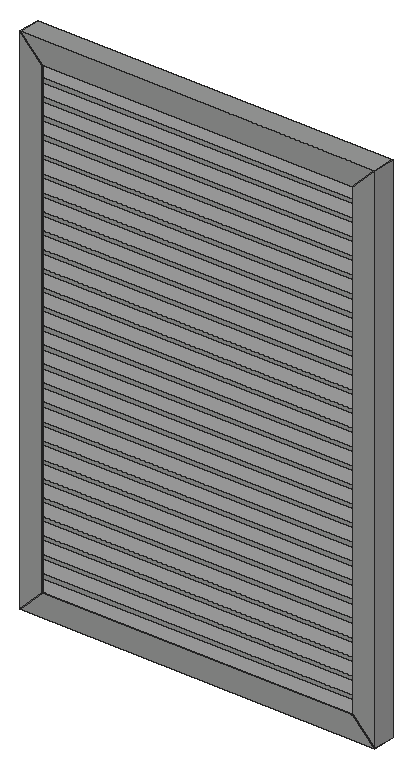
Revit family "HORIZONTAL_LOUVER_BLADE_PANEL", category Specialty Equipment, Revit 2026
Family settings
  Round Connector Dimension = Use Diameter
  Part Type = Normal
  Classification Number = 23.55.00.00
  Work Plane-Based = No
  Enable Cutting in Views = No
  Always vertical = No
  Cut with Voids When Loaded = No
  Maintain Annotation Orientation = No
  Shared = No
  Room Calculation Point = No
Parameters (values of type "Assembly")
  Width [instance] = if(Desired Overall Width < C Min Width, C Min Width, if(Desired Overall Width > C Max Width, C Max Width, Desired Overall Width))  # 4' - 0"
  Warranty URL = "https://palmshieldlouvers.com/wp-content/uploads/2020/01/PalmSHIELD-Warranty-NO-SIGN-LINE.pdf"
  Version = "2020 - v1.0a"  # constant formula
  URL = "https://palmshieldlouvers.com/"
  Product Page URL = "https://palmshieldlouvers.com/products/atlas-louver/"
  Product Documentation Link = "https://palmshieldlouvers.com/wp-content/uploads/2022/10/PalmSHIELD-Horizontal-Louvers-Technical-Data-Sheets-updated-100722.pdf"
  Offset From Surface = 0' - 2"  # constant formula
  Model = "Atlas - Aluminum - Panel Assembly"  # constant formula
  Material = Metal - PalmSHIELD - Dusty Grey
  Manufacturer Phone Number = "531-329-4406 "  # constant formula
  Manufacturer Email = "mailto: info@palmshieldlouvers.com"
  Manufacturer Address = "12330 Cary Circle, La Vista, NE 68128"  # constant formula
  Manufacturer = "PalmSHIELD"  # constant formula
  Keynote = "05 10 00"
  Instruction Sheet Link = "https://palmshieldlouvers.com/wp-content/uploads/2020/01/PalmSHIELD-Post-Panel-Gate-Installation-Instructions-REV-1.pdf"
  ID [instance] = "Not Assigned"
  Height [instance] = if(Desired Overall Height < C Min Height, C Min Height, if(Desired Overall Height > C Max Height, C Max Height, Desired Overall Height))  # 6' - 0"
  Desired Overall Width [instance] = 4' - 0"
  Desired Overall Height [instance] = 6' - 0"
  Desired Bottom Angle [instance] = 0.00°
  Description = "Atlas - Aluminum - Panel Assembly"  # constant formula
  Default Elevation = 0' - 0"
  Copyright = "Copyright ©2024 The American Fence Company and PalmSHIELD. All Rights Reserved."  # constant formula
  Component Vis [instance] = yes
  Component Name [instance] = "Atlas - Aluminum - Panel Assembly"  # constant formula
  C Min Width [instance] = 4' - 0"  # constant formula
  C Min Height [instance] = C Min Width  # 4' - 0"
  C Max Width [instance] = 5' - 0"  # constant formula
  C Max Height [instance] = 12' - 0"  # constant formula
  C Angle [instance] = if(Desired Bottom Angle > 10.00°, 10.00°, if(Desired Bottom Angle < -10.00°, -10.00°, Desired Bottom Angle))  # 0.00°
  Assembly Code = "F1020100"
Reference planes (in)
  plane 1 "Center (Front/Back)": y = 0
  plane 2: z = 0
  plane 3 "Center (Left/Right)": x = 0
  plane 4: z = 72
  plane 5: x = 48
  plane 6: y = 3
  plane 7: y = 1.5
Lines and regions (in)
  reference lines
    curve 1: line (48, 0, 85.95698) -> (48, 0, -11)
    curve 2: line (-20.8931, 0, 72) -> (71.1069, 0, 72)
Dimensions and locks (in)
  "Desired Overall Height": curve 2 to level
  "Desired Overall Width": curve 1 to plane 3 "Center (Left/Right)"
  "Height": plane 4 to level
  "Width": plane 5 to plane 3 "Center (Left/Right)"
  equal spacing: plane 1 "Center (Front/Back)", plane 7, plane 6
  aligned and locked: plane 2 to level
Automatic sketch dimensions
  curve 2 to plane 3 "Center (Left/Right)" = 1' - 8.8931"
  plane 5 to curve 2 = 1' - 11.1069"
  curve 1 to level = 0' - 11"
  plane 4 to curve 1 = 1' - 1.95698"
Nested families (in)
  nested 1: "Screening-Louver-Assembly-Panel-Palmshield-Atlas" at (0, 0, 0), Desired Overall Height <- "Desired Overall Height", Desired Overall Width <- "Desired Overall Width", ID <- "ID", Component Vis <- "Component Vis", Desired Bottom Angle <- "C Angle", type "Assembly"
    with Width 4' - 0", Louver Length 3' - 8", ID "Not Assigned", Height 6' - 0", Desired Overall Width 4' - 0", Desired Overall Height 6' - 0", Desired Bottom Angle 0.00°, Component Vis yes, Component Name "Atlas - Panel Assembly", C Top Post Length 4' - 0", C Straight Corner Angle 45.00°, C Slope Angle 0.00°, C Side Frame Width 0' - 3", C Side Adjustment 0' - 0", C Rib Thickness Bottom Offset 0' - 0 1/4", C Rib Bottom Side Offset 0' - 0", C Louver Offset 0' - 3", C Louver Count 28, C Hip 4' - 0", C Frame Offset 0' - 2", C Corner Offset 0' - 3", C B-Side Post Length 6' - 0", C B-Side Angle 45.00°, C Angle 90.00°, C A-Side Post Length 6' - 0", C A-Side Angle 45.00°
  nested 2: "Nested-L_Frame-Palmshield-Atlas" at (0, 0, 72) x (0, 1, 0) z (1, 0, 0), type "AL L3" X 3" X 1/4""
    with Material Metal - PalmSHIELD - Dusty Grey, Length 5' - 10", ID "Not Assigned", Component Name "Atlas - Aluminum - L Frame", B-Side Cut Angle 45.00°, A-Side Cut Angle 45.00°
  nested 3: "Nested-L_Frame-Palmshield-Atlas" at (48, 0, 2) x (0, 1, 0) z (-1, 0, 0), type "AL L3" X 3" X 1/4""
    with Material Metal - PalmSHIELD - Dusty Grey, Length 5' - 10", ID "Not Assigned", Component Name "Atlas - Aluminum - L Frame", B-Side Cut Angle 45.00°, A-Side Cut Angle 45.00°
  nested 4: "Nested-Rib-Palmshield-Atlas" at (16, 2.25, 2.25), type "AL FB 1/4" X 1""
    with Material Metal - PalmSHIELD - Dusty Grey, Length 5' - 9 1/2", ID "Not Assigned", Component Name "Atlas - Aluminum - FB Rib", C Angle B 0.00°, C Angle A 0.00°, A-Side Cut Angle 0.00°
  nested 5: "Nested-Rib-Palmshield-Atlas" at (32, 2.25, 2.25), type "AL FB 1/4" X 1""
    with Material Metal - PalmSHIELD - Dusty Grey, Length 5' - 9 1/2", ID "Not Assigned", Component Name "Atlas - Aluminum - FB Rib", C Angle B 0.00°, C Angle A 0.00°, A-Side Cut Angle 0.00°
  nested 6: "Nested-Louvers-Palmshield-Atlas" at (2, 2.25, 16.48904) x (0, -1, 0) z (1, 0, 0), type "EXTRUDED ALUMINUM LOUVERS TYP."
    with Material Metal - PalmSHIELD - Dusty Grey, Length 3' - 8", ID "Not Assigned", Component Name "Atlas - Aluminum - Louver"
  nested 7: "Nested-Louvers-Palmshield-Atlas" at (2, 2.25, 18.7993) x (0, -1, 0) z (1, 0, 0), type "EXTRUDED ALUMINUM LOUVERS TYP."
    with Material Metal - PalmSHIELD - Dusty Grey, Length 3' - 8", ID "Not Assigned", Component Name "Atlas - Aluminum - Louver"
  nested 8: "Nested-Louvers-Palmshield-Atlas" at (2, 2.25, 21.10956) x (0, -1, 0) z (1, 0, 0), type "EXTRUDED ALUMINUM LOUVERS TYP."
    with Material Metal - PalmSHIELD - Dusty Grey, Length 3' - 8", ID "Not Assigned", Component Name "Atlas - Aluminum - Louver"
  nested 9: "Nested-Louvers-Palmshield-Atlas" at (2, 2.25, 23.41981) x (0, -1, 0) z (1, 0, 0), type "EXTRUDED ALUMINUM LOUVERS TYP."
    with Material Metal - PalmSHIELD - Dusty Grey, Length 3' - 8", ID "Not Assigned", Component Name "Atlas - Aluminum - Louver"
  nested 10: "Nested-Louvers-Palmshield-Atlas" at (2, 2.25, 25.73007) x (0, -1, 0) z (1, 0, 0), type "EXTRUDED ALUMINUM LOUVERS TYP."
    with Material Metal - PalmSHIELD - Dusty Grey, Length 3' - 8", ID "Not Assigned", Component Name "Atlas - Aluminum - Louver"
  nested 11: "Nested-Louvers-Palmshield-Atlas" at (2, 2.25, 28.04033) x (0, -1, 0) z (1, 0, 0), type "EXTRUDED ALUMINUM LOUVERS TYP."
    with Material Metal - PalmSHIELD - Dusty Grey, Length 3' - 8", ID "Not Assigned", Component Name "Atlas - Aluminum - Louver"
  nested 12: "Nested-Louvers-Palmshield-Atlas" at (2, 2.25, 30.35059) x (0, -1, 0) z (1, 0, 0), type "EXTRUDED ALUMINUM LOUVERS TYP."
    with Material Metal - PalmSHIELD - Dusty Grey, Length 3' - 8", ID "Not Assigned", Component Name "Atlas - Aluminum - Louver"
  nested 13: "Nested-Louvers-Palmshield-Atlas" at (2, 2.25, 32.66085) x (0, -1, 0) z (1, 0, 0), type "EXTRUDED ALUMINUM LOUVERS TYP."
    with Material Metal - PalmSHIELD - Dusty Grey, Length 3' - 8", ID "Not Assigned", Component Name "Atlas - Aluminum - Louver"
  nested 14: "Nested-Louvers-Palmshield-Atlas" at (2, 2.25, 34.97111) x (0, -1, 0) z (1, 0, 0), type "EXTRUDED ALUMINUM LOUVERS TYP."
    with Material Metal - PalmSHIELD - Dusty Grey, Length 3' - 8", ID "Not Assigned", Component Name "Atlas - Aluminum - Louver"
  nested 15: "Nested-Louvers-Palmshield-Atlas" at (2, 2.25, 37.28137) x (0, -1, 0) z (1, 0, 0), type "EXTRUDED ALUMINUM LOUVERS TYP."
    with Material Metal - PalmSHIELD - Dusty Grey, Length 3' - 8", ID "Not Assigned", Component Name "Atlas - Aluminum - Louver"
  nested 16: "Nested-Louvers-Palmshield-Atlas" at (2, 2.25, 39.59163) x (0, -1, 0) z (1, 0, 0), type "EXTRUDED ALUMINUM LOUVERS TYP."
    with Material Metal - PalmSHIELD - Dusty Grey, Length 3' - 8", ID "Not Assigned", Component Name "Atlas - Aluminum - Louver"
  nested 17: "Nested-Louvers-Palmshield-Atlas" at (2, 2.25, 41.90189) x (0, -1, 0) z (1, 0, 0), type "EXTRUDED ALUMINUM LOUVERS TYP."
    with Material Metal - PalmSHIELD - Dusty Grey, Length 3' - 8", ID "Not Assigned", Component Name "Atlas - Aluminum - Louver"
  nested 18: "Nested-Louvers-Palmshield-Atlas" at (2, 2.25, 44.21215) x (0, -1, 0) z (1, 0, 0), type "EXTRUDED ALUMINUM LOUVERS TYP."
    with Material Metal - PalmSHIELD - Dusty Grey, Length 3' - 8", ID "Not Assigned", Component Name "Atlas - Aluminum - Louver"
  nested 19: "Nested-Louvers-Palmshield-Atlas" at (2, 2.25, 46.52241) x (0, -1, 0) z (1, 0, 0), type "EXTRUDED ALUMINUM LOUVERS TYP."
    with Material Metal - PalmSHIELD - Dusty Grey, Length 3' - 8", ID "Not Assigned", Component Name "Atlas - Aluminum - Louver"
  nested 20: "Nested-Louvers-Palmshield-Atlas" at (2, 2.25, 48.83267) x (0, -1, 0) z (1, 0, 0), type "EXTRUDED ALUMINUM LOUVERS TYP."
    with Material Metal - PalmSHIELD - Dusty Grey, Length 3' - 8", ID "Not Assigned", Component Name "Atlas - Aluminum - Louver"
  nested 21: "Nested-Louvers-Palmshield-Atlas" at (2, 2.25, 51.14293) x (0, -1, 0) z (1, 0, 0), type "EXTRUDED ALUMINUM LOUVERS TYP."
    with Material Metal - PalmSHIELD - Dusty Grey, Length 3' - 8", ID "Not Assigned", Component Name "Atlas - Aluminum - Louver"
  nested 22: "Nested-Louvers-Palmshield-Atlas" at (2, 2.25, 53.45319) x (0, -1, 0) z (1, 0, 0), type "EXTRUDED ALUMINUM LOUVERS TYP."
    with Material Metal - PalmSHIELD - Dusty Grey, Length 3' - 8", ID "Not Assigned", Component Name "Atlas - Aluminum - Louver"
  nested 23: "Nested-Louvers-Palmshield-Atlas" at (2, 2.25, 55.76344) x (0, -1, 0) z (1, 0, 0), type "EXTRUDED ALUMINUM LOUVERS TYP."
    with Material Metal - PalmSHIELD - Dusty Grey, Length 3' - 8", ID "Not Assigned", Component Name "Atlas - Aluminum - Louver"
  nested 24: "Nested-Louvers-Palmshield-Atlas" at (2, 2.25, 58.0737) x (0, -1, 0) z (1, 0, 0), type "EXTRUDED ALUMINUM LOUVERS TYP."
    with Material Metal - PalmSHIELD - Dusty Grey, Length 3' - 8", ID "Not Assigned", Component Name "Atlas - Aluminum - Louver"
  nested 25: "Nested-Louvers-Palmshield-Atlas" at (2, 2.25, 60.38396) x (0, -1, 0) z (1, 0, 0), type "EXTRUDED ALUMINUM LOUVERS TYP."
    with Material Metal - PalmSHIELD - Dusty Grey, Length 3' - 8", ID "Not Assigned", Component Name "Atlas - Aluminum - Louver"
  nested 26: "Nested-Louvers-Palmshield-Atlas" at (2, 2.25, 62.69422) x (0, -1, 0) z (1, 0, 0), type "EXTRUDED ALUMINUM LOUVERS TYP."
    with Material Metal - PalmSHIELD - Dusty Grey, Length 3' - 8", ID "Not Assigned", Component Name "Atlas - Aluminum - Louver"
  nested 27: "Nested-Louvers-Palmshield-Atlas" at (2, 2.25, 65.00448) x (0, -1, 0) z (1, 0, 0), type "EXTRUDED ALUMINUM LOUVERS TYP."
    with Material Metal - PalmSHIELD - Dusty Grey, Length 3' - 8", ID "Not Assigned", Component Name "Atlas - Aluminum - Louver"
  nested 28: "Nested-Louvers-Palmshield-Atlas" at (2, 2.25, 67.31474) x (0, -1, 0) z (1, 0, 0), type "EXTRUDED ALUMINUM LOUVERS TYP."
    with Material Metal - PalmSHIELD - Dusty Grey, Length 3' - 8", ID "Not Assigned", Component Name "Atlas - Aluminum - Louver"
  nested 29: "Nested-Louvers-Palmshield-Atlas" at (2, 2.25, 7.248) x (0, -1, 0) z (1, 0, 0), type "EXTRUDED ALUMINUM LOUVERS TYP."
    with Material Metal - PalmSHIELD - Dusty Grey, Length 3' - 8", ID "Not Assigned", Component Name "Atlas - Aluminum - Louver"
  nested 30: "Nested-Louvers-Palmshield-Atlas" at (2, 2.25, 69.625) x (0, -1, 0) z (1, 0, 0), type "EXTRUDED ALUMINUM LOUVERS TYP."
    with Material Metal - PalmSHIELD - Dusty Grey, Length 3' - 8", ID "Not Assigned", Component Name "Atlas - Aluminum - Louver"
  nested 31: "Nested-L_Frame-Palmshield-Atlas" at (48, 0, 72) x (0, 1, 0) z (0, 0, -1), type "AL L3" X 3" X 1/4""
    with Material Metal - PalmSHIELD - Dusty Grey, Length 4' - 0", ID "Not Assigned", Component Name "Atlas - Aluminum - L Frame", B-Side Cut Angle 45.00°, A-Side Cut Angle 45.00°
  nested 32: "Nested-L_Frame-Palmshield-Atlas" at (0, 0, 2) x (0, 1, 0) z (0, 0, 1), type "AL L3" X 3" X 1/4""
    with Material Metal - PalmSHIELD - Dusty Grey, Length 4' - 0", ID "Not Assigned", Component Name "Atlas - Aluminum - L Frame", B-Side Cut Angle 45.00°, A-Side Cut Angle 45.00°
  nested 33: "Nested-Louvers-Palmshield-Atlas" at (2, 2.25, 9.55826) x (0, -1, 0) z (1, 0, 0), type "EXTRUDED ALUMINUM LOUVERS TYP."
    with Material Metal - PalmSHIELD - Dusty Grey, Length 3' - 8", ID "Not Assigned", Component Name "Atlas - Aluminum - Louver"
  nested 34: "Nested-Louvers-Palmshield-Atlas" at (2, 2.25, 11.86852) x (0, -1, 0) z (1, 0, 0), type "EXTRUDED ALUMINUM LOUVERS TYP."
    with Material Metal - PalmSHIELD - Dusty Grey, Length 3' - 8", ID "Not Assigned", Component Name "Atlas - Aluminum - Louver"
  nested 35: "Nested-Louvers-Palmshield-Atlas" at (2, 2.25, 14.17878) x (0, -1, 0) z (1, 0, 0), type "EXTRUDED ALUMINUM LOUVERS TYP."
    with Material Metal - PalmSHIELD - Dusty Grey, Length 3' - 8", ID "Not Assigned", Component Name "Atlas - Aluminum - Louver"
Definition of nested family "Nested-L_Frame-Palmshield-Atlas"
  Parameters (values of type "AL L3" X 3" X 1/4"")
    Width = 0' - 3"  # constant formula
    Warranty URL = "https://palmshieldlouvers.com/wp-content/uploads/2020/01/PalmSHIELD-Warranty-NO-SIGN-LINE.pdf"
    Version = "2020 - v1.0a"  # constant formula
    URL = "https://palmshieldlouvers.com/"
    Thickness = 0' - 0 1/4"  # constant formula
    Product Page URL = "https://palmshieldlouvers.com/products/louvers/"
    Product Documentation Link = "https://palmshieldlouvers.com/wp-content/uploads/2022/10/PalmSHIELD-Horizontal-Louvers-Technical-Data-Sheets-updated-100722.pdf"
    Model = "Atlas"  # constant formula
    Material [instance] = none
    Manufacturer Phone Number = "531-329-4406 "  # constant formula
    Manufacturer Fax Number = "Consult Manufacturer Website for More Information"  # constant formula
    Manufacturer Email = "mailto: info@palmshieldlouvers.com"
    Manufacturer Address = "12330 Cary Circle, La Vista, NE 68128"  # constant formula
    Manufacturer = "PalmSHIELD"  # constant formula
    Length [instance] = 4' - 4.86713"
    Keynote = "05 10 00"
    Instruction Sheet Link = "https://palmshieldlouvers.com/wp-content/uploads/2020/01/PalmSHIELD-Post-Panel-Gate-Installation-Instructions-REV-1.pdf"
    ID [instance] = ""
    Description = "Atlas - L Frame"  # constant formula
    Default Elevation = 4' - 0"
    Copyright = "Copyright ©2024 The American Fence Company and PalmSHIELD. All Rights Reserved."  # constant formula
    Component Name [instance] = "Atlas - Aluminum - L Frame"  # constant formula
    C Hole Offset = 0' - 1 1/2"  # constant formula
    B-Side Cut Angle [instance] = 45.00°
    Assembly Code = "F1020100"
    A-Side Cut Angle [instance] = 45.00°
  Reference planes (in)
    plane 1 "Center (Front/Back)": y = 0
    plane 2: z = 0
    plane 3 "Center (Left/Right)": x = 0
    plane 4: x = 3
    plane 5: y = -52.86713
    plane 6: z = 3
  Forms (in)
    Extrusion 1, solid
      sketch origin (0, 0, 0) x (1, 0, 0) y (0, 1, 0)
        loop
          line (-48, 48) -> (-48, -48) -> (48, -48) -> (48, 48) -> (-48, 48)
      from 0 to -12
    Sweep 2, solid, material <- "Material"
      path origin (0, 0, 0) x (0, 1, 0) y (0, 0, 1)
        loop
          line (0, 0) -> (-52.86713, 0)
      profile "Profile-Palmshield-L : AL L3" X 3" X 1/4" - 6061-T6" origin (0, -26.43357, 0) x (0, 0, -1) y (1, 0, 0)
        loop
          line (-0.3125, 0.25) -> (-2.875, 0.25)
          arc (-2.875, 0.25) -> (-2.96339, 0.21339) -> (-3, 0.125) r 0.125
          line (-3, 0.125) -> (-3, 0) -> (0, 0) -> (0, 3) -> (-0.125, 3)
          arc (-0.125, 3) -> (-0.21339, 2.96339) -> (-0.25, 2.875) r 0.125
          line (-0.25, 2.875) -> (-0.25, 0.3125)
          arc (-0.25, 0.3125) -> (-0.26831, 0.26831) -> (-0.3125, 0.25) r 0.0625
    Extrusion 3, void
      sketch origin (0, 0, 0) x (0, 1, 0) y (0, 0, 1)
        loop
          line (-3, 3) -> (0, 0) -> (4.7449, 0) -> (4.7449, 3) -> (-3, 3)
        loop
          line (-57.61203, 3) -> (-57.61203, 0) -> (-52.86713, 0) -> (-49.86713, 3) -> (-57.61203, 3)
      from 0 to 3
  Cuts and joins
    Extrusion 3 cuts Sweep 2
  Dimensions and locks (in)
    "Width": plane 3 "Center (Left/Right)" to plane 4
    "Length": plane 1 "Center (Front/Back)" to plane 5
    "Width": plane 6 to plane 2
    locked: Extrusion 3 sketch curve to plane 1 "Center (Front/Back)" at 4.7449
    locked: plane 5 to Extrusion 3 sketch curve at 4.7449
    "B-Side Cut Angle": angle Extrusion 3 sketch curve to plane 1 "Center (Front/Back)"
    "A-Side Cut Angle": angle plane 5 to Extrusion 3 sketch curve
    aligned and locked: plane 2 to Extrusion 1
    aligned and locked: level to Extrusion 1
    aligned and locked: plane 1 "Center (Front/Back)" to Sweep 2 sketch curve
    aligned and locked: plane 5 to Sweep 2 sketch curve
    aligned and locked: Extrusion 3 sketch curve to plane 6
    aligned and locked: level to Extrusion 3 sketch curve
    aligned and locked: plane 6 to Extrusion 3 sketch curve
    aligned and locked: Extrusion 3 sketch curve to plane 2
    aligned and locked: plane 1 "Center (Front/Back)" to Extrusion 3 sketch curve
    aligned and locked: plane 2 to Extrusion 3 sketch curve
    aligned and locked: plane 5 to Extrusion 3 sketch curve
    aligned and locked: Extrusion 3 to plane 3 "Center (Left/Right)"
    aligned and locked: Extrusion 3 to plane 4
  Automatic sketch dimensions
    Extrusion 1 sketch curve to Extrusion 1 sketch curve = 8' - 0"  (x2)
    Sweep 2 sketch curve to level = 0' - 0"
Definition of nested family "Nested-Rib-Palmshield-Atlas"
  Parameters (values of type "AL FB 1/4" X 1"")
    Width = 0' - 1"  # constant formula
    Warranty URL = "https://palmshieldlouvers.com/wp-content/uploads/2020/01/PalmSHIELD-Warranty-NO-SIGN-LINE.pdf"
    Version = "2020 - v1.0a"  # constant formula
    URL = "https://palmshieldlouvers.com/"
    Thickness = 0' - 0 1/4"  # constant formula
    Product Page URL = "https://palmshieldlouvers.com/products/louvers/"
    Product Documentation Link = "https://palmshieldlouvers.com/wp-content/uploads/2022/10/PalmSHIELD-Horizontal-Louvers-Technical-Data-Sheets-updated-100722.pdf"
    Model = "Atlas"  # constant formula
    Material [instance] = none
    Manufacturer Phone Number = "531-329-4406 "  # constant formula
    Manufacturer Fax Number = "Consult Manufacturer Website for More Information"  # constant formula
    Manufacturer Email = "mailto: info@palmshieldlouvers.com"
    Manufacturer Address = "12330 Cary Circle, La Vista, NE 68128"  # constant formula
    Manufacturer = "PalmSHIELD"  # constant formula
    Length [instance] = 4' - 4.86713"
    Keynote = "05 10 00"
    Instruction Sheet Link = "https://palmshieldlouvers.com/wp-content/uploads/2020/01/PalmSHIELD-Post-Panel-Gate-Installation-Instructions-REV-1.pdf"
    ID [instance] = ""
    Description = "Atlas - Rib"  # constant formula
    Default Elevation = 4' - 0"
    Copyright = "Copyright ©2024 The American Fence Company and PalmSHIELD. All Rights Reserved."  # constant formula
    Component Name [instance] = "Atlas - Aluminum - FB Rib"  # constant formula
    C Hole Offset = 0' - 1 1/2"  # constant formula
    C Angle B [instance] = if([A-Side Cut Angle] > 0.00°, [A-Side Cut Angle], 0.00°)  # 25.00°
    C Angle A [instance] = if([A-Side Cut Angle] < 0.00°, -[A-Side Cut Angle], 0.00°)  # 0.00°
    Assembly Code = "F1020100"
    A-Side Cut Angle [instance] = 25.00°
  Reference planes (in)
    plane 1 "Center (Front/Back)": y = 0
    plane 2: z = 0
    plane 3 "Center (Left/Right)": x = 0
    plane 4: z = 52.86713
    plane 5: x = 0.5
    plane 6: x = -0.5
  Forms (in)
    Extrusion 1, solid
      sketch origin (0, 0, 0) x (1, 0, 0) y (0, 1, 0)
        loop
          line (-48, 48) -> (-48, -48) -> (48, -48) -> (48, 48) -> (-48, 48)
      from 0 to -12
    Sweep 2, solid, material <- "Material"
      path origin (0, 0, 0) x (0, 1, 0) y (0, 0, 1)
        loop
          line (0, 0) -> (0, 52.86713)
      profile "Profile-Palmshield-Rib : AL FB 1/4" X 1"" origin (0, 0, 26.43357) x (0, -1, 0) y (1, 0, 0)
        loop
          line (-0.25, -0.5) -> (0, -0.5) -> (0, 0.5) -> (-0.25, 0.5) -> (-0.25, -0.5)
    Extrusion 3, void
      sketch origin (0, 0, 0) x (1, 0, 0) y (0, 0, 1)
        loop
          line (0.5, 0) -> (-19.83743, 0) -> (-19.83743, -5) -> (0.5, -5) -> (0.5, 0)
      from -4.89794 to 12
    Extrusion 4, void
      sketch origin (0, 0, 0) x (-1, 0, 0) y (0, 0, -1)
        loop
          line (0.5, 0) -> (0.5, 5) -> (-19.83743, 5) -> (-19.83743, -9.4835) -> (0.5, 0)
      from -9.92538 to 12
  Cuts and joins
    Extrusion 3, Extrusion 4 cuts Sweep 2
  Dimensions and locks (in)
    "Length": plane 4 to plane 2
    equal spacing: plane 5, plane 3 "Center (Left/Right)", plane 6
    "Width": plane 5 to plane 6
    "C Angle A": angle Extrusion 3 sketch curve to plane 2
    "C Angle B": angle plane 2 to Extrusion 4 sketch curve
    aligned and locked: plane 2 to Extrusion 1
    aligned and locked: level to Extrusion 1
    aligned and locked: plane 1 "Center (Front/Back)" to Sweep 2 sketch curve
    aligned and locked: plane 4 to Sweep 2 sketch curve
    aligned and locked: plane 5 to Extrusion 3 sketch curve
    aligned and locked: plane 2 to Extrusion 3 sketch curve
    aligned and locked: plane 6 to Extrusion 4 sketch curve
    aligned and locked: plane 2 to Extrusion 4 sketch curve
  Automatic sketch dimensions
    Extrusion 1 sketch curve to Extrusion 1 sketch curve = 8' - 0"  (x2)
    Sweep 2 sketch curve to level = 0' - 0"
    Extrusion 3 sketch curve to level = 0' - 5"
    Extrusion 3 sketch curve to plane 6 = 1' - 7.33743"
    level to Extrusion 4 sketch curve = 0' - 5"
    Extrusion 4 sketch curve to plane 5 = 1' - 7.33743"
Definition of nested family "Nested-Louvers-Palmshield-Atlas"
  Parameters (values of type "EXTRUDED ALUMINUM LOUVERS TYP.")
    Width = 0' - 2 7/8"  # constant formula
    Warranty URL = "https://palmshieldlouvers.com/wp-content/uploads/2020/01/PalmSHIELD-Warranty-NO-SIGN-LINE.pdf"
    Version = "2020 - v1.0a"  # constant formula
    URL = "https://palmshieldlouvers.com/"
    Thickness = 0' - 0 1/8"  # constant formula
    Product Page URL = "https://palmshieldlouvers.com/products/louvers/"
    Product Documentation Link = "https://palmshieldlouvers.com/wp-content/uploads/2022/10/PalmSHIELD-Horizontal-Louvers-Technical-Data-Sheets-updated-100722.pdf"
    Model = "Atlas"  # constant formula
    Material [instance] = none
    Manufacturer Phone Number = "531-329-4406 "  # constant formula
    Manufacturer Fax Number = "Consult Manufacturer Website for More Information"  # constant formula
    Manufacturer Email = "mailto: info@palmshieldlouvers.com"
    Manufacturer Address = "12330 Cary Circle, La Vista, NE 68128"  # constant formula
    Manufacturer = "PalmSHIELD"  # constant formula
    Length [instance] = 4' - 4.86713"
    Keynote = "05 10 00"
    Instruction Sheet Link = "https://palmshieldlouvers.com/wp-content/uploads/2020/01/PalmSHIELD-Post-Panel-Gate-Installation-Instructions-REV-1.pdf"
    ID [instance] = ""
    Description = "Atlas - Louvers"  # constant formula
    Default Elevation = 4' - 0"
    Copyright = "Copyright ©2024 The American Fence Company and PalmSHIELD. All Rights Reserved."  # constant formula
    Component Name [instance] = "Atlas - Aluminum - Louver"  # constant formula
    Assembly Code = "F1020100"
  Reference planes (in)
    plane 1 "Center (Front/Back)": y = 0
    plane 2: z = 0
    plane 3 "Center (Left/Right)": x = 0
    plane 4: z = 52.86713
    plane 5: y = 2.875
  Forms (in)
    Extrusion 1, solid
      sketch origin (0, 0, 0) x (1, 0, 0) y (0, 1, 0)
        loop
          line (-48, 48) -> (-48, -48) -> (48, -48) -> (48, 48) -> (-48, 48)
      from 0 to -12
    Sweep 2, solid, material <- "Material"
      path origin (0, 0, 0) x (0, 1, 0) y (0, 0, 1)
        loop
          line (0, 0) -> (0, 52.86713)
      profile "Profile-Palmshield-Louver : LOUVERS TYP. - 6063-T6" origin (0, 0, 26.43357) x (0, -1, 0) y (1, 0, 0)
        loop
          line (-2.39453, 1.875) -> (-0.51953, 0) -> (0, 0) -> (0, 0.125) -> (-0.46775, 0.125) -> (-2.34275, 2) -> (-2.873, 2) -> (-2.873, 1.875) -> (-2.39453, 1.875)
  Dimensions and locks (in)
    "Length": plane 4 to plane 2
    "Width": plane 5 to plane 1 "Center (Front/Back)"
    aligned and locked: plane 2 to Extrusion 1
    aligned and locked: level to Extrusion 1
    aligned and locked: plane 1 "Center (Front/Back)" to Sweep 2 sketch curve
    aligned and locked: plane 4 to Sweep 2 sketch curve
  Automatic sketch dimensions
    Extrusion 1 sketch curve to Extrusion 1 sketch curve = 8' - 0"  (x2)
    Sweep 2 sketch curve to level = 0' - 0"
Definition of nested family "Screening-Louver-Assembly-Panel-Palmshield-Atlas"
  Parameters (values of type "Assembly")
    Width [instance] = if(Desired Overall Width < 4' 0", 4' 0", if(Desired Overall Width > 5' 0", 5' 0", Desired Overall Width))  # 4' - 0"
    Warranty URL = "https://palmshieldlouvers.com/wp-content/uploads/2020/01/PalmSHIELD-Warranty-NO-SIGN-LINE.pdf"
    Version = "2020 - v1.0a"  # constant formula
    URL = "https://palmshieldlouvers.com/"
    Offset From Surface = 0' - 2"  # constant formula
    Material = none
    Louver Separation = 0' - 2 3/8"  # constant formula
    Product Page URL = "https://palmshieldlouvers.com/products/semi-private-screening/"
    Product Documentation Link = "http://palmshieldlouvers.com/wp-content/uploads/2020/05/PalmSHIELD-Semi-Private-Composite-Technical-Data-Sheet.pdf"
    Model = "Atlas - Post Assembly"  # constant formula
    Manufacturer Phone Number = "531-329-4406 "  # constant formula
    Manufacturer Fax Number = "Consult Manufacturer Website for More Information"  # constant formula
    Manufacturer Email = "mailto: info@palmshieldlouvers.com"
    Manufacturer Address = "12330 Cary Circle, La Vista, NE 68128"  # constant formula
    Manufacturer = "PalmSHIELD"  # constant formula
    Louver Length [instance] = Width - 2 * C Side Frame Width + 0' 2"  # 3' - 8"
    Keynote = "05 10 00"
    Instruction Sheet Link = "http://palmshieldlouvers.com/wp-content/uploads/2020/01/PalmSHIELD-Post-Panel-Gate-Installation-Instructions-REV-1.pdf"
    ID [instance] = "Not Assigned"
    Height [instance] = if(Desired Overall Height < 3' 0", 3' 0", if(Desired Overall Height > 12' 0", 12' 0", Desired Overall Height))  # 6' - 0"
    Frame Width = 0' - 3"  # constant formula
    Frame Thickness = 0' - 0 1/4"  # constant formula
    Desired Overall Width [instance] = 4' - 0"
    Desired Overall Height [instance] = 6' - 0"
    Desired Bottom Angle [instance] = 0.00°
    Description = "Atlas - Panel Assembly"  # constant formula
    Default Elevation = 0' - 0"
    Copyright = "Copyright ©2024 The American Fence Company and PalmSHIELD. All Rights Reserved."  # constant formula
    Component Vis [instance] = yes
    Component Name [instance] = "Atlas - Panel Assembly"  # constant formula
    C Top Post Length [instance] = Width  # 4' - 0"
    C Straight Corner Angle [instance] = 45.00°  # constant formula
    C Slope Angle [instance] = if(Desired Bottom Angle < -10.00°, -10.00°, if(Desired Bottom Angle > 10.00°, 10.00°, Desired Bottom Angle))  # 0.00°
    C Side Frame Width [instance] = 0' - 3"  # constant formula
    C Rib Thickness Bottom Offset [instance] = Frame Thickness * cos(C Slope Angle)  # 0' - 0 1/4"
    C Rib Bottom Side Offset [instance] = if(C Slope Angle < 0.00°, -Frame Thickness * sin(C Slope Angle), Frame Thickness * sin(C Slope Angle))  # 0' - 0"
    C Louver Overlap = 0' - 0 5/8"  # constant formula
    C Louver Offset [instance] = if(C Side Adjustment < 0' 0", -C Side Adjustment + (Frame Width / sin([C A-Side Angle])) * cos([C A-Side Angle]), Frame Width)  # 0' - 3"
    C Louver Count [instance] = if(C Slope Angle < 0.00°, (Height - 2 * Frame Width + C Louver Overlap * 2) / Louver Separation, (Height - 2 * Frame Width + C Louver Overlap * 2 - C Hip * sin(C Slope Angle)) / Louver Separation)  # 28
    C Hip [instance] = Width / cos(C Slope Angle)  # 4' - 0"
    C Side Adjustment [instance] = -C Hip * sin(C Slope Angle)  # 0' - 0"
    C Frame Offset [instance] = C Side Frame Width - 0' 1"  # 0' - 2"
    C Corner Offset [instance] = if(C Slope Angle > 0.00°, Frame Width / sin([C A-Side Angle]) * cos([C A-Side Angle]), if(C Slope Angle < 0.00°, Frame Width / sin([C A-Side Angle]) * cos([C A-Side Angle]), 0' 3"))  # 0' - 3"
    C B-Side Post Length [instance] = Height + C Side Adjustment  # 6' - 0"
    C B-Side Angle [instance] = (90.00° - C Slope Angle) / 2  # 45.00°
    C Angle [instance] = if(C Slope Angle < -10.00°, 90.00° - 10.00°, if(C Slope Angle > 10.00°, 90.00° + 10.00°, 90.00° - C Slope Angle))  # 90.00°
    C A-Side Post Length [instance] = Height  # 6' - 0"
    C A-Side Angle [instance] = (90.00° + C Slope Angle) / 2  # 45.00°
    Assembly Code = "F1020100"
  Reference planes (in)
    plane 1 "Center (Front/Back)": y = 0
    plane 2: z = 0
    plane 3 "Side A": x = 0
    plane 4 "Top": z = 72
    plane 5 "Side B": x = 48
    plane 6: z = 2
    plane 7: z = 5
    plane 8: x = 0.25
    plane 9: x = 47.75
    plane 10: z = 69
    plane 11: z = 69.625
    plane 12: y = 0.25
    plane 13: z = 4.375
    plane 14: x = 16
    plane 15: x = 32
    plane 16: y = 2.25
    plane 17: z = 71.75
    plane 18: z = 2
    plane 19: z = 2.25
    plane 20: x = 0
    plane 21: x = 14
    plane 22: x = 30
    plane 23: x = 2
    plane 24: y = 3
    plane 25: y = 1.5
    plane 26: x = 24
  Forms (in)
    Extrusion 1, solid
      sketch origin (0, 0, 0) x (1, 0, 0) y (0, 1, 0)
        loop
          line (-48, 48) -> (-48, -48) -> (48, -48) -> (48, 48) -> (-48, 48)
      from 0 to -12
  Lines and regions (in)
    reference lines
      curve 1: line (0, 0, 2) -> (84, 0, 2)
      curve 2: line (0, 0, 2.25) -> (81.25, 0, 2.25)
      curve 3: line (14, 0, 2.25) -> (24.75, 0, 2.25)
      curve 4: line (30, 0, 2.25) -> (40, 0, 2.25)
      curve 5: line (-32.20512, 0, 72) -> (83.18293, 0, 72)
      curve 6: line (48, 0, 95.69519) -> (48, 0, -6.19789)
      curve 7: line (48, 0, 2) -> (46, 0, 2)
  Dimensions and locks (in)
    "Width": plane 5 "Side B" to plane 3 "Side A"
    "Offset From Surface": plane 6 to Extrusion 1
    "C Louver Offset": plane 7 to plane 6
    "Frame Thickness": plane 8 to plane 3 "Side A"
    "Frame Thickness": plane 5 "Side B" to plane 9
    "Frame Width": plane 4 "Top" to plane 10
    "C Louver Overlap": plane 11 to plane 10
    "Frame Thickness": plane 12 to plane 1 "Center (Front/Back)"
    "C Louver Overlap": plane 7 to plane 13
    equal spacing: plane 3 "Side A", plane 14, plane 15, plane 5 "Side B"
    "Frame Thickness": plane 4 "Top" to plane 17
    "C Corner Offset": plane 7 to plane 18
    "C Rib Thickness Bottom Offset": plane 19 to plane 6
    "C Rib Bottom Side Offset": plane 3 "Side A" to plane 20
    locked: plane 14 to plane 21 at 2
    locked: plane 15 to plane 22 at 2
    "Desired Overall Width": curve 6 to plane 3 "Side A"
    "C Frame Offset": plane 23 to plane 3 "Side A"
    equal spacing: group 1, group 3, group 4, group 5, group 6, group 7, group 8, group 9, group 10, group 11, group 12, group 13, group 14, group 15, group 16, group 17, group 18, group 19, group 20, group 21, group 22, group 23, group 24, group 25, group 26, group 27, group 28, group 2  (x2)
    equal spacing: group 2, group 28, group 27, group 26, group 25, group 24, group 23, group 22, group 21, group 20, group 19, group 18, group 17, group 16, group 15, group 14, group 13, group 12, group 11, group 10, group 9, group 8, group 7, group 6, group 5, group 4, group 3, group 1
    "Frame Width": plane 1 "Center (Front/Back)" to plane 24
    equal spacing: plane 1 "Center (Front/Back)", plane 25, plane 24
    equal spacing: plane 5 "Side B", plane 26, plane 3 "Side A"
    "Desired Overall Height": curve 5 to plane 2
    "Height": plane 4 "Top" to plane 2
    locked: plane 5 "Side B" to curve 7 at 2
    "C Angle": angle curve 1 to plane 3 "Side A"
    "C Angle": angle curve 2 to plane 20
    locked: curve 3 to plane 21 (angle 90.00°)
    locked: curve 4 to plane 22 (angle 90.00°)
    locked: plane 5 "Side B" to curve 7 (angle 90.00°)
    aligned and locked: plane 2 to Extrusion 1
    aligned and locked: level to Extrusion 1
    aligned and locked: plane 6 to curve 1
    aligned and locked: plane 3 "Side A" to curve 1
    aligned and locked: nested 1 to plane 1 "Center (Front/Back)"
    aligned and locked: nested 1 to plane 5 "Side B"
    aligned and locked: nested 1 to plane 3 "Side A"
    aligned and locked: nested 2 to plane 4 "Top"
    aligned and locked: nested 2 to plane 6
    aligned and locked: nested 2 to plane 1 "Center (Front/Back)"
    aligned and locked: plane 4 "Top" to nested 3
    aligned and locked: nested 3 to plane 1 "Center (Front/Back)"
    aligned and locked: nested 4 to plane 1 "Center (Front/Back)"
    aligned and locked: plane 16 to nested 5
    aligned and locked: plane 16 to nested 6
    aligned and locked: plane 14 to nested 5
    aligned and locked: plane 17 to nested 5
    aligned and locked: plane 12 to nested 7
    aligned and locked: plane 11 to nested 7
    aligned and locked: plane 15 to nested 6
    aligned and locked: plane 17 to nested 6
    aligned and locked: plane 20 to curve 2
    aligned and locked: plane 19 to curve 2
    aligned and locked: plane 21 to curve 3
    aligned and locked: plane 22 to curve 4
    aligned and locked: plane 23 to nested 8
    aligned and locked: nested 8 to plane 13
    aligned and locked: plane 12 to nested 8
    aligned and locked: plane 5 "Side B" to curve 7
    aligned and locked: nested 3 to curve 7
  Automatic sketch dimensions
    Extrusion 1 sketch curve to Extrusion 1 sketch curve = 8' - 0"  (x2)
    curve 5 to plane 3 "Side A" = 2' - 8.20512"
    plane 5 "Side B" to curve 5 = 2' - 11.18293"
    curve 6 to level = 0' - 6.19789"
    plane 4 "Top" to curve 6 = 1' - 11.69519"
  Nested families (in)
    nested 1: "Nested-L_Frame-Palmshield-Atlas" at (48, 0, 72) x (0, 1, 0) z (0, 0, -1), ID <- "ID", Material <- "Material", A-Side Cut Angle <- "C Straight Corner Angle", B-Side Cut Angle <- "C Straight Corner Angle", visible <- "Component Vis", type "AL L3" X 3" X 1/4""
      with Material none, Length 4' - 0", ID "Not Assigned", Component Name "Atlas - Aluminum - L Frame", B-Side Cut Angle 45.00°, A-Side Cut Angle 45.00°
    nested 2: "Nested-L_Frame-Palmshield-Atlas" at (0, 0, 72) x (0, 1, 0) z (1, 0, 0), ID <- "ID", Material <- "Material", B-Side Cut Angle <- "C Straight Corner Angle", A-Side Cut Angle <- "C A-Side Angle", visible <- "Component Vis", type "AL L3" X 3" X 1/4""
      with Material none, Length 5' - 10", ID "Not Assigned", Component Name "Atlas - Aluminum - L Frame", B-Side Cut Angle 45.00°, A-Side Cut Angle 45.00°
    nested 3: "Nested-L_Frame-Palmshield-Atlas" at (48, 0, 2) x (0, 1, 0) z (-1, 0, 0), ID <- "ID", Material <- "Material", B-Side Cut Angle <- "C B-Side Angle", A-Side Cut Angle <- "C Straight Corner Angle", visible <- "Component Vis", type "AL L3" X 3" X 1/4""
      with Material none, Length 5' - 10", ID "Not Assigned", Component Name "Atlas - Aluminum - L Frame", B-Side Cut Angle 45.00°, A-Side Cut Angle 45.00°
    nested 4: "Nested-L_Frame-Palmshield-Atlas" at (0, 0, 2) x (0, 1, 0) z (0, 0, 1), Length <- "C Hip", ID <- "ID", Material <- "Material", A-Side Cut Angle <- "C B-Side Angle", B-Side Cut Angle <- "C A-Side Angle", visible <- "Component Vis", type "AL L3" X 3" X 1/4""
      with Material none, Length 4' - 0", ID "Not Assigned", Component Name "Atlas - Aluminum - L Frame", B-Side Cut Angle 45.00°, A-Side Cut Angle 45.00°
    nested 5: "Nested-Rib-Palmshield-Atlas" at (16, 2.25, 2.25), A-Side Cut Angle <- "C Slope Angle", ID <- "ID", Material <- "Material", visible <- "Component Vis", type "AL FB 1/4" X 1""
      with Material none, Length 5' - 9 1/2", ID "Not Assigned", Component Name "Atlas - Aluminum - FB Rib", C Angle B 0.00°, C Angle A 0.00°, A-Side Cut Angle 0.00°
    nested 6: "Nested-Rib-Palmshield-Atlas" at (32, 2.25, 2.25), A-Side Cut Angle <- "C Slope Angle", ID <- "ID", Material <- "Material", visible <- "Component Vis", type "AL FB 1/4" X 1""
      with Material none, Length 5' - 9 1/2", ID "Not Assigned", Component Name "Atlas - Aluminum - FB Rib", C Angle B 0.00°, C Angle A 0.00°, A-Side Cut Angle 0.00°
    nested 7: "Nested-Louvers-Palmshield-Atlas" at (2, 2.25, 69.625) x (0, -1, 0) z (1, 0, 0), Length <- "Louver Length", ID <- "ID", Material <- "Material", visible <- "Component Vis", type "EXTRUDED ALUMINUM LOUVERS TYP."
      with Material none, Length 3' - 8", ID "Not Assigned", Component Name "Atlas - Aluminum - Louver"
    nested 8: "Nested-Louvers-Palmshield-Atlas" at (2, 2.25, 7.248) x (0, -1, 0) z (1, 0, 0), Length <- "Louver Length", ID <- "ID", Material <- "Material", visible <- "Component Vis", type "EXTRUDED ALUMINUM LOUVERS TYP."
      with Material none, Length 3' - 8", ID "Not Assigned", Component Name "Atlas - Aluminum - Louver"
    nested 9: "Nested-Louvers-Palmshield-Atlas" at (2, 2.25, 67.31474) x (0, -1, 0) z (1, 0, 0), Length <- "Louver Length", ID <- "ID", Material <- "Material", visible <- "Component Vis", type "EXTRUDED ALUMINUM LOUVERS TYP."
      with Material none, Length 3' - 8", ID "Not Assigned", Component Name "Atlas - Aluminum - Louver"
    nested 10: "Nested-Louvers-Palmshield-Atlas" at (2, 2.25, 65.00448) x (0, -1, 0) z (1, 0, 0), Length <- "Louver Length", ID <- "ID", Material <- "Material", visible <- "Component Vis", type "EXTRUDED ALUMINUM LOUVERS TYP."
      with Material none, Length 3' - 8", ID "Not Assigned", Component Name "Atlas - Aluminum - Louver"
    nested 11: "Nested-Louvers-Palmshield-Atlas" at (2, 2.25, 62.69422) x (0, -1, 0) z (1, 0, 0), Length <- "Louver Length", ID <- "ID", Material <- "Material", visible <- "Component Vis", type "EXTRUDED ALUMINUM LOUVERS TYP."
      with Material none, Length 3' - 8", ID "Not Assigned", Component Name "Atlas - Aluminum - Louver"
    nested 12: "Nested-Louvers-Palmshield-Atlas" at (2, 2.25, 60.38396) x (0, -1, 0) z (1, 0, 0), Length <- "Louver Length", ID <- "ID", Material <- "Material", visible <- "Component Vis", type "EXTRUDED ALUMINUM LOUVERS TYP."
      with Material none, Length 3' - 8", ID "Not Assigned", Component Name "Atlas - Aluminum - Louver"
    nested 13: "Nested-Louvers-Palmshield-Atlas" at (2, 2.25, 58.0737) x (0, -1, 0) z (1, 0, 0), Length <- "Louver Length", ID <- "ID", Material <- "Material", visible <- "Component Vis", type "EXTRUDED ALUMINUM LOUVERS TYP."
      with Material none, Length 3' - 8", ID "Not Assigned", Component Name "Atlas - Aluminum - Louver"
    nested 14: "Nested-Louvers-Palmshield-Atlas" at (2, 2.25, 55.76344) x (0, -1, 0) z (1, 0, 0), Length <- "Louver Length", ID <- "ID", Material <- "Material", visible <- "Component Vis", type "EXTRUDED ALUMINUM LOUVERS TYP."
      with Material none, Length 3' - 8", ID "Not Assigned", Component Name "Atlas - Aluminum - Louver"
    nested 15: "Nested-Louvers-Palmshield-Atlas" at (2, 2.25, 53.45319) x (0, -1, 0) z (1, 0, 0), Length <- "Louver Length", ID <- "ID", Material <- "Material", visible <- "Component Vis", type "EXTRUDED ALUMINUM LOUVERS TYP."
      with Material none, Length 3' - 8", ID "Not Assigned", Component Name "Atlas - Aluminum - Louver"
    nested 16: "Nested-Louvers-Palmshield-Atlas" at (2, 2.25, 51.14293) x (0, -1, 0) z (1, 0, 0), Length <- "Louver Length", ID <- "ID", Material <- "Material", visible <- "Component Vis", type "EXTRUDED ALUMINUM LOUVERS TYP."
      with Material none, Length 3' - 8", ID "Not Assigned", Component Name "Atlas - Aluminum - Louver"
    nested 17: "Nested-Louvers-Palmshield-Atlas" at (2, 2.25, 48.83267) x (0, -1, 0) z (1, 0, 0), Length <- "Louver Length", ID <- "ID", Material <- "Material", visible <- "Component Vis", type "EXTRUDED ALUMINUM LOUVERS TYP."
      with Material none, Length 3' - 8", ID "Not Assigned", Component Name "Atlas - Aluminum - Louver"
    nested 18: "Nested-Louvers-Palmshield-Atlas" at (2, 2.25, 46.52241) x (0, -1, 0) z (1, 0, 0), Length <- "Louver Length", ID <- "ID", Material <- "Material", visible <- "Component Vis", type "EXTRUDED ALUMINUM LOUVERS TYP."
      with Material none, Length 3' - 8", ID "Not Assigned", Component Name "Atlas - Aluminum - Louver"
    nested 19: "Nested-Louvers-Palmshield-Atlas" at (2, 2.25, 44.21215) x (0, -1, 0) z (1, 0, 0), Length <- "Louver Length", ID <- "ID", Material <- "Material", visible <- "Component Vis", type "EXTRUDED ALUMINUM LOUVERS TYP."
      with Material none, Length 3' - 8", ID "Not Assigned", Component Name "Atlas - Aluminum - Louver"
    nested 20: "Nested-Louvers-Palmshield-Atlas" at (2, 2.25, 41.90189) x (0, -1, 0) z (1, 0, 0), Length <- "Louver Length", ID <- "ID", Material <- "Material", visible <- "Component Vis", type "EXTRUDED ALUMINUM LOUVERS TYP."
      with Material none, Length 3' - 8", ID "Not Assigned", Component Name "Atlas - Aluminum - Louver"
    nested 21: "Nested-Louvers-Palmshield-Atlas" at (2, 2.25, 39.59163) x (0, -1, 0) z (1, 0, 0), Length <- "Louver Length", ID <- "ID", Material <- "Material", visible <- "Component Vis", type "EXTRUDED ALUMINUM LOUVERS TYP."
      with Material none, Length 3' - 8", ID "Not Assigned", Component Name "Atlas - Aluminum - Louver"
    nested 22: "Nested-Louvers-Palmshield-Atlas" at (2, 2.25, 37.28137) x (0, -1, 0) z (1, 0, 0), Length <- "Louver Length", ID <- "ID", Material <- "Material", visible <- "Component Vis", type "EXTRUDED ALUMINUM LOUVERS TYP."
      with Material none, Length 3' - 8", ID "Not Assigned", Component Name "Atlas - Aluminum - Louver"
    nested 23: "Nested-Louvers-Palmshield-Atlas" at (2, 2.25, 34.97111) x (0, -1, 0) z (1, 0, 0), Length <- "Louver Length", ID <- "ID", Material <- "Material", visible <- "Component Vis", type "EXTRUDED ALUMINUM LOUVERS TYP."
      with Material none, Length 3' - 8", ID "Not Assigned", Component Name "Atlas - Aluminum - Louver"
    nested 24: "Nested-Louvers-Palmshield-Atlas" at (2, 2.25, 32.66085) x (0, -1, 0) z (1, 0, 0), Length <- "Louver Length", ID <- "ID", Material <- "Material", visible <- "Component Vis", type "EXTRUDED ALUMINUM LOUVERS TYP."
      with Material none, Length 3' - 8", ID "Not Assigned", Component Name "Atlas - Aluminum - Louver"
    nested 25: "Nested-Louvers-Palmshield-Atlas" at (2, 2.25, 30.35059) x (0, -1, 0) z (1, 0, 0), Length <- "Louver Length", ID <- "ID", Material <- "Material", visible <- "Component Vis", type "EXTRUDED ALUMINUM LOUVERS TYP."
      with Material none, Length 3' - 8", ID "Not Assigned", Component Name "Atlas - Aluminum - Louver"
    nested 26: "Nested-Louvers-Palmshield-Atlas" at (2, 2.25, 28.04033) x (0, -1, 0) z (1, 0, 0), Length <- "Louver Length", ID <- "ID", Material <- "Material", visible <- "Component Vis", type "EXTRUDED ALUMINUM LOUVERS TYP."
      with Material none, Length 3' - 8", ID "Not Assigned", Component Name "Atlas - Aluminum - Louver"
    nested 27: "Nested-Louvers-Palmshield-Atlas" at (2, 2.25, 25.73007) x (0, -1, 0) z (1, 0, 0), Length <- "Louver Length", ID <- "ID", Material <- "Material", visible <- "Component Vis", type "EXTRUDED ALUMINUM LOUVERS TYP."
      with Material none, Length 3' - 8", ID "Not Assigned", Component Name "Atlas - Aluminum - Louver"
    nested 28: "Nested-Louvers-Palmshield-Atlas" at (2, 2.25, 23.41981) x (0, -1, 0) z (1, 0, 0), Length <- "Louver Length", ID <- "ID", Material <- "Material", visible <- "Component Vis", type "EXTRUDED ALUMINUM LOUVERS TYP."
      with Material none, Length 3' - 8", ID "Not Assigned", Component Name "Atlas - Aluminum - Louver"
    nested 29: "Nested-Louvers-Palmshield-Atlas" at (2, 2.25, 21.10956) x (0, -1, 0) z (1, 0, 0), Length <- "Louver Length", ID <- "ID", Material <- "Material", visible <- "Component Vis", type "EXTRUDED ALUMINUM LOUVERS TYP."
      with Material none, Length 3' - 8", ID "Not Assigned", Component Name "Atlas - Aluminum - Louver"
    nested 30: "Nested-Louvers-Palmshield-Atlas" at (2, 2.25, 18.7993) x (0, -1, 0) z (1, 0, 0), Length <- "Louver Length", ID <- "ID", Material <- "Material", visible <- "Component Vis", type "EXTRUDED ALUMINUM LOUVERS TYP."
      with Material none, Length 3' - 8", ID "Not Assigned", Component Name "Atlas - Aluminum - Louver"
    nested 31: "Nested-Louvers-Palmshield-Atlas" at (2, 2.25, 16.48904) x (0, -1, 0) z (1, 0, 0), Length <- "Louver Length", ID <- "ID", Material <- "Material", visible <- "Component Vis", type "EXTRUDED ALUMINUM LOUVERS TYP."
      with Material none, Length 3' - 8", ID "Not Assigned", Component Name "Atlas - Aluminum - Louver"
    nested 32: "Nested-Louvers-Palmshield-Atlas" at (2, 2.25, 14.17878) x (0, -1, 0) z (1, 0, 0), Length <- "Louver Length", ID <- "ID", Material <- "Material", visible <- "Component Vis", type "EXTRUDED ALUMINUM LOUVERS TYP."
      with Material none, Length 3' - 8", ID "Not Assigned", Component Name "Atlas - Aluminum - Louver"
    nested 33: "Nested-Louvers-Palmshield-Atlas" at (2, 2.25, 11.86852) x (0, -1, 0) z (1, 0, 0), Length <- "Louver Length", ID <- "ID", Material <- "Material", visible <- "Component Vis", type "EXTRUDED ALUMINUM LOUVERS TYP."
      with Material none, Length 3' - 8", ID "Not Assigned", Component Name "Atlas - Aluminum - Louver"
    nested 34: "Nested-Louvers-Palmshield-Atlas" at (2, 2.25, 9.55826) x (0, -1, 0) z (1, 0, 0), Length <- "Louver Length", ID <- "ID", Material <- "Material", visible <- "Component Vis", type "EXTRUDED ALUMINUM LOUVERS TYP."
      with Material none, Length 3' - 8", ID "Not Assigned", Component Name "Atlas - Aluminum - Louver"
  Definition of nested family "Nested-L_Frame-Palmshield-Atlas"
    Parameters (values of type "AL L3" X 3" X 1/4"")
      Width = 0' - 3"  # constant formula
      Warranty URL = "https://palmshieldlouvers.com/wp-content/uploads/2020/01/PalmSHIELD-Warranty-NO-SIGN-LINE.pdf"
      Version = "2020 - v1.0a"  # constant formula
      URL = "https://palmshieldlouvers.com/"
      Thickness = 0' - 0 1/4"  # constant formula
      Product Page URL = "https://palmshieldlouvers.com/products/louvers/"
      Product Documentation Link = "https://palmshieldlouvers.com/wp-content/uploads/2022/10/PalmSHIELD-Horizontal-Louvers-Technical-Data-Sheets-updated-100722.pdf"
      Model = "Atlas"  # constant formula
      Material [instance] = none
      Manufacturer Phone Number = "531-329-4406 "  # constant formula
      Manufacturer Fax Number = "Consult Manufacturer Website for More Information"  # constant formula
      Manufacturer Email = "mailto: info@palmshieldlouvers.com"
      Manufacturer Address = "12330 Cary Circle, La Vista, NE 68128"  # constant formula
      Manufacturer = "PalmSHIELD"  # constant formula
      Length [instance] = 4' - 4.86713"
      Keynote = "05 10 00"
      Instruction Sheet Link = "https://palmshieldlouvers.com/wp-content/uploads/2020/01/PalmSHIELD-Post-Panel-Gate-Installation-Instructions-REV-1.pdf"
      ID [instance] = ""
      Description = "Atlas - L Frame"  # constant formula
      Default Elevation = 4' - 0"
      Copyright = "Copyright ©2024 The American Fence Company and PalmSHIELD. All Rights Reserved."  # constant formula
      Component Name [instance] = "Atlas - Aluminum - L Frame"  # constant formula
      C Hole Offset = 0' - 1 1/2"  # constant formula
      B-Side Cut Angle [instance] = 45.00°
      Assembly Code = "F1020100"
      A-Side Cut Angle [instance] = 45.00°
    Reference planes (in)
      plane 1 "Center (Front/Back)": y = 0
      plane 2: z = 0
      plane 3 "Center (Left/Right)": x = 0
      plane 4: x = 3
      plane 5: y = -52.86713
      plane 6: z = 3
    Forms (in)
      Extrusion 1, solid
        sketch origin (0, 0, 0) x (1, 0, 0) y (0, 1, 0)
          loop
            line (-48, 48) -> (-48, -48) -> (48, -48) -> (48, 48) -> (-48, 48)
        from 0 to -12
      Sweep 2, solid, material <- "Material"
        path origin (0, 0, 0) x (0, 1, 0) y (0, 0, 1)
          loop
            line (0, 0) -> (-52.86713, 0)
        profile "Profile-Palmshield-L : AL L3" X 3" X 1/4" - 6061-T6" origin (0, -26.43357, 0) x (0, 0, -1) y (1, 0, 0)
          loop
            line (-0.3125, 0.25) -> (-2.875, 0.25)
            arc (-2.875, 0.25) -> (-2.96339, 0.21339) -> (-3, 0.125) r 0.125
            line (-3, 0.125) -> (-3, 0) -> (0, 0) -> (0, 3) -> (-0.125, 3)
            arc (-0.125, 3) -> (-0.21339, 2.96339) -> (-0.25, 2.875) r 0.125
            line (-0.25, 2.875) -> (-0.25, 0.3125)
            arc (-0.25, 0.3125) -> (-0.26831, 0.26831) -> (-0.3125, 0.25) r 0.0625
      Extrusion 3, void
        sketch origin (0, 0, 0) x (0, 1, 0) y (0, 0, 1)
          loop
            line (-3, 3) -> (0, 0) -> (4.7449, 0) -> (4.7449, 3) -> (-3, 3)
          loop
            line (-57.61203, 3) -> (-57.61203, 0) -> (-52.86713, 0) -> (-49.86713, 3) -> (-57.61203, 3)
        from 0 to 3
    Cuts and joins
      Extrusion 3 cuts Sweep 2
    Dimensions and locks (in)
      "Width": plane 3 "Center (Left/Right)" to plane 4
      "Length": plane 1 "Center (Front/Back)" to plane 5
      "Width": plane 6 to plane 2
      locked: Extrusion 3 sketch curve to plane 1 "Center (Front/Back)" at 4.7449
      locked: plane 5 to Extrusion 3 sketch curve at 4.7449
      "B-Side Cut Angle": angle Extrusion 3 sketch curve to plane 1 "Center (Front/Back)"
      "A-Side Cut Angle": angle plane 5 to Extrusion 3 sketch curve
      aligned and locked: plane 2 to Extrusion 1
      aligned and locked: level to Extrusion 1
      aligned and locked: plane 1 "Center (Front/Back)" to Sweep 2 sketch curve
      aligned and locked: plane 5 to Sweep 2 sketch curve
      aligned and locked: Extrusion 3 sketch curve to plane 6
      aligned and locked: level to Extrusion 3 sketch curve
      aligned and locked: plane 6 to Extrusion 3 sketch curve
      aligned and locked: Extrusion 3 sketch curve to plane 2
      aligned and locked: plane 1 "Center (Front/Back)" to Extrusion 3 sketch curve
      aligned and locked: plane 2 to Extrusion 3 sketch curve
      aligned and locked: plane 5 to Extrusion 3 sketch curve
      aligned and locked: Extrusion 3 to plane 3 "Center (Left/Right)"
      aligned and locked: Extrusion 3 to plane 4
    Automatic sketch dimensions
      Extrusion 1 sketch curve to Extrusion 1 sketch curve = 8' - 0"  (x2)
      Sweep 2 sketch curve to level = 0' - 0"
  Definition of nested family "Nested-Rib-Palmshield-Atlas"
    Parameters (values of type "AL FB 1/4" X 1"")
      Width = 0' - 1"  # constant formula
      Warranty URL = "https://palmshieldlouvers.com/wp-content/uploads/2020/01/PalmSHIELD-Warranty-NO-SIGN-LINE.pdf"
      Version = "2020 - v1.0a"  # constant formula
      URL = "https://palmshieldlouvers.com/"
      Thickness = 0' - 0 1/4"  # constant formula
      Product Page URL = "https://palmshieldlouvers.com/products/louvers/"
      Product Documentation Link = "https://palmshieldlouvers.com/wp-content/uploads/2022/10/PalmSHIELD-Horizontal-Louvers-Technical-Data-Sheets-updated-100722.pdf"
      Model = "Atlas"  # constant formula
      Material [instance] = none
      Manufacturer Phone Number = "531-329-4406 "  # constant formula
      Manufacturer Fax Number = "Consult Manufacturer Website for More Information"  # constant formula
      Manufacturer Email = "mailto: info@palmshieldlouvers.com"
      Manufacturer Address = "12330 Cary Circle, La Vista, NE 68128"  # constant formula
      Manufacturer = "PalmSHIELD"  # constant formula
      Length [instance] = 4' - 4.86713"
      Keynote = "05 10 00"
      Instruction Sheet Link = "https://palmshieldlouvers.com/wp-content/uploads/2020/01/PalmSHIELD-Post-Panel-Gate-Installation-Instructions-REV-1.pdf"
      ID [instance] = ""
      Description = "Atlas - Rib"  # constant formula
      Default Elevation = 4' - 0"
      Copyright = "Copyright ©2024 The American Fence Company and PalmSHIELD. All Rights Reserved."  # constant formula
      Component Name [instance] = "Atlas - Aluminum - FB Rib"  # constant formula
      C Hole Offset = 0' - 1 1/2"  # constant formula
      C Angle B [instance] = if([A-Side Cut Angle] > 0.00°, [A-Side Cut Angle], 0.00°)  # 25.00°
      C Angle A [instance] = if([A-Side Cut Angle] < 0.00°, -[A-Side Cut Angle], 0.00°)  # 0.00°
      Assembly Code = "F1020100"
      A-Side Cut Angle [instance] = 25.00°
    Reference planes (in)
      plane 1 "Center (Front/Back)": y = 0
      plane 2: z = 0
      plane 3 "Center (Left/Right)": x = 0
      plane 4: z = 52.86713
      plane 5: x = 0.5
      plane 6: x = -0.5
    Forms (in)
      Extrusion 1, solid
        sketch origin (0, 0, 0) x (1, 0, 0) y (0, 1, 0)
          loop
            line (-48, 48) -> (-48, -48) -> (48, -48) -> (48, 48) -> (-48, 48)
        from 0 to -12
      Sweep 2, solid, material <- "Material"
        path origin (0, 0, 0) x (0, 1, 0) y (0, 0, 1)
          loop
            line (0, 0) -> (0, 52.86713)
        profile "Profile-Palmshield-Rib : AL FB 1/4" X 1"" origin (0, 0, 26.43357) x (0, -1, 0) y (1, 0, 0)
          loop
            line (-0.25, -0.5) -> (0, -0.5) -> (0, 0.5) -> (-0.25, 0.5) -> (-0.25, -0.5)
      Extrusion 3, void
        sketch origin (0, 0, 0) x (1, 0, 0) y (0, 0, 1)
          loop
            line (0.5, 0) -> (-19.83743, 0) -> (-19.83743, -5) -> (0.5, -5) -> (0.5, 0)
        from -4.89794 to 12
      Extrusion 4, void
        sketch origin (0, 0, 0) x (-1, 0, 0) y (0, 0, -1)
          loop
            line (0.5, 0) -> (0.5, 5) -> (-19.83743, 5) -> (-19.83743, -9.4835) -> (0.5, 0)
        from -9.92538 to 12
    Cuts and joins
      Extrusion 3, Extrusion 4 cuts Sweep 2
    Dimensions and locks (in)
      "Length": plane 4 to plane 2
      equal spacing: plane 5, plane 3 "Center (Left/Right)", plane 6
      "Width": plane 5 to plane 6
      "C Angle A": angle Extrusion 3 sketch curve to plane 2
      "C Angle B": angle plane 2 to Extrusion 4 sketch curve
      aligned and locked: plane 2 to Extrusion 1
      aligned and locked: level to Extrusion 1
      aligned and locked: plane 1 "Center (Front/Back)" to Sweep 2 sketch curve
      aligned and locked: plane 4 to Sweep 2 sketch curve
      aligned and locked: plane 5 to Extrusion 3 sketch curve
      aligned and locked: plane 2 to Extrusion 3 sketch curve
      aligned and locked: plane 6 to Extrusion 4 sketch curve
      aligned and locked: plane 2 to Extrusion 4 sketch curve
    Automatic sketch dimensions
      Extrusion 1 sketch curve to Extrusion 1 sketch curve = 8' - 0"  (x2)
      Sweep 2 sketch curve to level = 0' - 0"
      Extrusion 3 sketch curve to level = 0' - 5"
      Extrusion 3 sketch curve to plane 6 = 1' - 7.33743"
      level to Extrusion 4 sketch curve = 0' - 5"
      Extrusion 4 sketch curve to plane 5 = 1' - 7.33743"
  Definition of nested family "Nested-Louvers-Palmshield-Atlas"
    Parameters (values of type "EXTRUDED ALUMINUM LOUVERS TYP.")
      Width = 0' - 2 7/8"  # constant formula
      Warranty URL = "https://palmshieldlouvers.com/wp-content/uploads/2020/01/PalmSHIELD-Warranty-NO-SIGN-LINE.pdf"
      Version = "2020 - v1.0a"  # constant formula
      URL = "https://palmshieldlouvers.com/"
      Thickness = 0' - 0 1/8"  # constant formula
      Product Page URL = "https://palmshieldlouvers.com/products/louvers/"
      Product Documentation Link = "https://palmshieldlouvers.com/wp-content/uploads/2022/10/PalmSHIELD-Horizontal-Louvers-Technical-Data-Sheets-updated-100722.pdf"
      Model = "Atlas"  # constant formula
      Material [instance] = none
      Manufacturer Phone Number = "531-329-4406 "  # constant formula
      Manufacturer Fax Number = "Consult Manufacturer Website for More Information"  # constant formula
      Manufacturer Email = "mailto: info@palmshieldlouvers.com"
      Manufacturer Address = "12330 Cary Circle, La Vista, NE 68128"  # constant formula
      Manufacturer = "PalmSHIELD"  # constant formula
      Length [instance] = 4' - 4.86713"
      Keynote = "05 10 00"
      Instruction Sheet Link = "https://palmshieldlouvers.com/wp-content/uploads/2020/01/PalmSHIELD-Post-Panel-Gate-Installation-Instructions-REV-1.pdf"
      ID [instance] = ""
      Description = "Atlas - Louvers"  # constant formula
      Default Elevation = 4' - 0"
      Copyright = "Copyright ©2024 The American Fence Company and PalmSHIELD. All Rights Reserved."  # constant formula
      Component Name [instance] = "Atlas - Aluminum - Louver"  # constant formula
      Assembly Code = "F1020100"
    Reference planes (in)
      plane 1 "Center (Front/Back)": y = 0
      plane 2: z = 0
      plane 3 "Center (Left/Right)": x = 0
      plane 4: z = 52.86713
      plane 5: y = 2.875
    Forms (in)
      Extrusion 1, solid
        sketch origin (0, 0, 0) x (1, 0, 0) y (0, 1, 0)
          loop
            line (-48, 48) -> (-48, -48) -> (48, -48) -> (48, 48) -> (-48, 48)
        from 0 to -12
      Sweep 2, solid, material <- "Material"
        path origin (0, 0, 0) x (0, 1, 0) y (0, 0, 1)
          loop
            line (0, 0) -> (0, 52.86713)
        profile "Profile-Palmshield-Louver : LOUVERS TYP. - 6063-T6" origin (0, 0, 26.43357) x (0, -1, 0) y (1, 0, 0)
          loop
            line (-2.39453, 1.875) -> (-0.51953, 0) -> (0, 0) -> (0, 0.125) -> (-0.46775, 0.125) -> (-2.34275, 2) -> (-2.873, 2) -> (-2.873, 1.875) -> (-2.39453, 1.875)
    Dimensions and locks (in)
      "Length": plane 4 to plane 2
      "Width": plane 5 to plane 1 "Center (Front/Back)"
      aligned and locked: plane 2 to Extrusion 1
      aligned and locked: level to Extrusion 1
      aligned and locked: plane 1 "Center (Front/Back)" to Sweep 2 sketch curve
      aligned and locked: plane 4 to Sweep 2 sketch curve
    Automatic sketch dimensions
      Extrusion 1 sketch curve to Extrusion 1 sketch curve = 8' - 0"  (x2)
      Sweep 2 sketch curve to level = 0' - 0"
